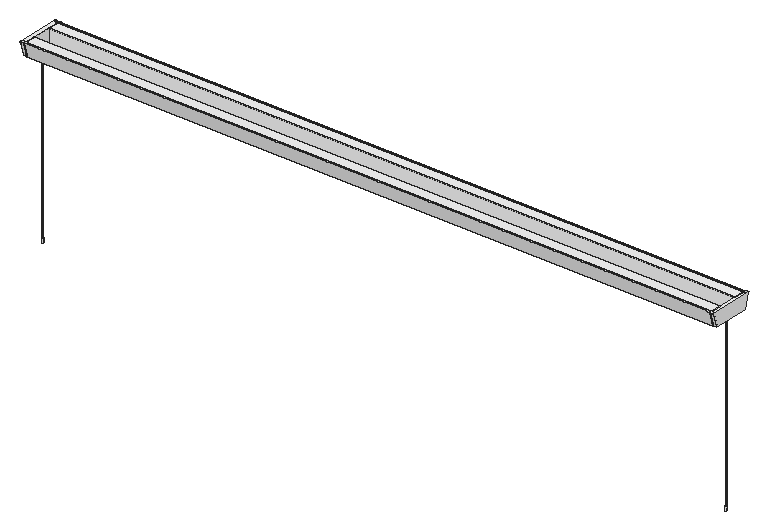
Revit family "SAE101-P", category Lighting Fixtures, host Face, Revit 2021
Family settings
  Host = Face
  Round Connector Dimension = Use Diameter
  Part Type = Normal
  OmniClass Number = 23.80.70.11.14.17
  OmniClass Title = Direct/Indirect
  Cut with Voids When Loaded = No
  Light Source = Yes
  Shared = Yes
  Room Calculation Point = No
Parameters (values of type "SAE101-P-08")
  Wattage = 4 W
  Warranty = "5-Years Warranty"
  built-in parameter 1150110 = 1 (stored number, unit not read)
  Voltage = 120 V
  Type Comments = "Lighting Fixture"  # constant formula
  built-in parameter 1114217 = 1 (stored number, unit not read)
  Tilt Angle = -90.00°
  built-in parameter 1150109 = 1 (stored number, unit not read)
  built-in parameter 1150134 = (empty or 0)
  built-in parameter 1150113 = 1 (stored number, unit not read)
  Product Page URL = ""
  Product Documentation Link = ""
  Power Factor = 1
  Photometric Web File = "SAE101-P-ID-STD-4-SOF-CX-35K-I050-D040.ies"
  Photometric Notes = "More IES files download on Photometric Link"  # constant formula
  Pendant Height [instance] = 2' - 0"
  zz Length 1 = 8' - 0"
  Wattage Comments = "133 Lumens/Watt"  # constant formula
  URL = "https://www.currentlighting.com/litecontrol"
  Mounting = "Pendant"  # constant formula
  Model = "SAE101"  # constant formula
  Manufacturer = "Litecontrol"  # constant formula
  built-in parameter 1150105 = 39.789 (stored number, unit not read)
  Lumens = 500 lm
  built-in parameter 1150115 = 1 (stored number, unit not read)
  Load Classification = Lighting
  built-in parameter 1150137 = (empty or 0)
  built-in parameter 1150139 = (empty or 0)
  built-in parameter 1150112 = 1 (stored number, unit not read)
  built-in parameter 1150114 = 1 (stored number, unit not read)
  Lamp = "LED"  # constant formula
  built-in parameter 1150132 = (empty or 0)
  built-in parameter 1150102 = (empty or 0)
  built-in parameter 1150107 = 3500 (stored number, unit not read)
  built-in parameter 1150138 = (empty or 0)
  built-in parameter 1150106 = 0.39789 (stored number, unit not read)
  Glass = White Glass
  Fixture Distribution = "Indirect/Direct"  # constant formula
  Emit from Rectangle Width = zz Length 1 - 0' 2"  # 7' - 10"
  Emit from Rectangle Length = 0' - 4"  # constant formula
  Emit Shape Visible in Rendering = no
  built-in parameter 1150104 = 11.613 (stored number, unit not read)
  Downlight Diffuser = "Soft Glow Lens"  # constant formula
  Dimming Lamp Color Temperature Shift = <None>
  Description = "Linear Pendant Indirect/Direct"  # constant formula
  Default Elevation = 4' - 0"
  Copyright = "Copyright ©Litecontrol"  # constant formula
  Contact Us = ""
  Color Filter = 16777215
  built-in parameter 1114218 = 1 (stored number, unit not read)
  Housing Material = Paint - Matte White
  built-in parameter 1150133 = 10 (stored number, unit not read)
  Assembly Code = "D5020200"
  Apparent Load = 0 VA
Types (6): name | zz Length 1 | Emit from Rectangle Width
  (no name) | 8' - 0" | 7' - 10"
  SAE101-P-04 | 4' - 0" | 3' - 10"
  SAE101-P-02 | 2' - 0" | 1' - 10"
  SAE101-P-03 | 3' - 0" | 2' - 10"
  SAE101-P-06 | 6' - 0" | 5' - 10"
  SAE101-P-08 | 8' - 0" | 7' - 10"
Reference planes (in)
  plane 1 "Center (Front/Back)": y = 13.01342
  plane 2: z = 0
  plane 3 "Center (Left/Right)": x = 0
  plane 4: z = 24
  plane 5: x = -48
  plane 6: x = 48
  plane 7: x = -47.3125
  plane 8: x = 47.3125
  plane 9: z = 0.5
  plane 10: z = 25
Forms (in)
  Revolve 1, solid, material "Paint - Matte White" <- "Housing Material"
    sketch origin (-5.75, 13.01342, 0) x (-1, 0, 0) y (0, 0, 1)
      loop
        line (-53.0625, 24) -> (-53.0625, 0) -> (-52.9375, 0) -> (-52.9375, 0.5) -> (-53, 0.5) -> (-53, 23.5) -> (-52.9375, 23.5) -> (-52.9375, 24) -> (-53.0625, 24)
      axis (-53.0625, 24) -> (-53.0625, 0)
    angle from 0 to 360
  Revolve 2, solid, material "Paint - Matte White" <- "Housing Material"
    sketch origin (5.75, 13.01342, 0) x (1, 0, 0) y (0, 0, 1)
      loop
        line (-53.0625, 24) -> (-53.0625, 0) -> (-52.9375, 0) -> (-52.9375, 0.5) -> (-53, 0.5) -> (-53, 23.5) -> (-52.9375, 23.5) -> (-52.9375, 24) -> (-53.0625, 24)
      axis (-53.0625, 24) -> (-53.0625, 0)
    angle from 0 to 360
Dimensions and locks (in)
  "Pendant Height": plane 4 to level
  equal spacing: plane 6, plane 3 "Center (Left/Right)", plane 5
  "zz Length 1": plane 6 to plane 5
  locked: plane 9 to plane 2 at 0.5
  locked: plane 7 to plane 5 at 0.6875
  locked: plane 6 to plane 8 at 0.6875
  locked: plane 10 to plane 4 at 1
  aligned and locked: plane 2 to host face
  aligned and locked: level to host face
  aligned and locked: Revolve 1 sketch curve to Revolve 1 sketch curve
  aligned and locked: Revolve 1 sketch curve to plane 8
  aligned and locked: plane 4 to Revolve 1 sketch curve
  aligned and locked: Revolve 1 sketch curve to level
  aligned and locked: plane 3 "Center (Left/Right)" to nested 1
  aligned and locked: plane 1 "Center (Front/Back)" to nested 1
  aligned and locked: Revolve 2 sketch curve to Revolve 2 sketch curve
  aligned and locked: plane 9 to Revolve 2
  aligned and locked: Revolve 1 to plane 9
  aligned and locked: plane 10 to imposter light
  aligned and locked: plane 3 "Center (Left/Right)" to imposter light
Automatic sketch dimensions
  host sketch curve to host sketch curve = 8' - 0"  (x2)
  Revolve 1 sketch curve to plane 9 = 0' - 0"
  plane 8 to Revolve 1 sketch curve = 0' - 0 1/16"
  plane 8 to Revolve 1 sketch curve = 0' - 0 1/8"
  Revolve 1 sketch curve to Revolve 1 sketch curve = 0' - 0 1/16"
  Revolve 1 sketch curve to plane 9 = 0' - 0.66777"
  Revolve 1 sketch curve to Revolve 1 sketch curve = 0' - 9.83778"
  Revolve 2 sketch curve to plane 7 = 0' - 0"
  plane 9 to Revolve 2 sketch curve = 0' - 0"
  Revolve 2 sketch curve to level = 0' - 0"
  Revolve 2 sketch curve to plane 4 = 0' - 0"
  plane 7 to Revolve 2 sketch curve = 0' - 0 1/16"
  plane 7 to Revolve 2 sketch curve = 0' - 0 1/8"
  Revolve 2 sketch curve to Revolve 2 sketch curve = 0' - 0 1/16"
  plane 9 to Revolve 2 sketch curve = 0' - 0.66777"
  Revolve 2 sketch curve to Revolve 2 sketch curve = 0' - 9.83778"
  plane 4 to Revolve 1 sketch curve = 0' - 0 1/2"
  Revolve 2 sketch curve to plane 4 = 0' - 0 1/2"
Nested families (in)
  nested 1: "101-P" at (-0.01104, 12.97343, 24), Glass <- "Glass", Backbox <- "Housing Material", Length <- "zz Length 1", type "101-P"
    with Length 8' - 0", Glass White Glass, Backbox Paint - Matte White
Connectors (in)
  electrical at (0, 14.86045, 24), driven by "Load Classification", driven by "Voltage", driven by "Apparent Load", driven by "Power Factor"
    settings: on nested 1, index 1, voltage 120 V, apparent load 0 VA, apparent load phase1 0 VA, apparent load phase2 0 VA, apparent load phase3 0 VA, power factor 1, load classification "Lighting", number of poles 1, system type 30, power factor state 1, is connector primary yes, connector utility no, sub classification motor no, connector description "Electrical Connector"
Definition of nested family "101-P"
  Parameters
    Wattage Comments = ""
    URL = ""
    Model = ""
    Manufacturer = ""
    Length [instance] = 4' - 0"
    Lamp = ""
    Glass [instance] = none
    Description = ""
    Default Elevation = 4' - 0"
    Backbox [instance] = none
    Apparent Load = 0 VA
  Reference planes (in)
    plane 1 "Center (Front/Back)": y = 0.03999
    plane 2: z = 0
    plane 3 "Center (Left/Right)": x = 0.01104
    plane 4: z = 2
    plane 5: z = 1.875
    plane 6: x = -23.98896
    plane 7: x = 24.01104
    plane 8: x = -23.48896
    plane 9: x = 23.51104
    plane 10: y = 1.28999
    plane 11: y = -1.21001
    plane 12: z = 0.125
    plane 13: y = -2.96001
    plane 14: y = 3.03999
    plane 15: y = 2.91499
    plane 16: y = -2.83501
  Forms (in)
    Extrusion 1, solid
      sketch origin (0, 0, 0.06357) x (1, 0, 0) y (0, 1, 0)
        loop
          line (-48, 48) -> (-48, -48) -> (48, -48) -> (48, 48) -> (-48, 48)
      from -0.06357 to -12.81105
    Extrusion 2, solid, material <- "Backbox"
      sketch origin (23.51104, -180, 29.46954) x (0, 0, 1) y (0, -1, 0)
        loop
          line (-29.46954, -182.48405) -> (-27.54897, -183.03835)
          arc (-27.54897, -183.03835) -> (-27.47937, -183.01257) -> (-27.48349, -182.93845) r 0.0625
          line (-27.48349, -182.93845) -> (-27.55342, -182.85397) -> (-27.55342, -177.22601) -> (-27.48349, -177.14153)
          arc (-27.48349, -177.14153) -> (-27.47937, -177.06742) -> (-27.54897, -177.04163) r 0.0625
          line (-27.54897, -177.04163) -> (-29.46954, -177.59593) -> (-29.46954, -182.48405)
      from 0 to 0.5
    Extrusion 3, solid, material <- "Backbox"
      sketch origin (-23.48896, -180, 28.85133) x (0, 0, 1) y (0, -1, 0)
        loop
          line (-28.85133, -182.48405) -> (-26.93076, -183.03835)
          arc (-26.93076, -183.03835) -> (-26.86116, -183.01257) -> (-26.86528, -182.93845) r 0.0625
          line (-26.86528, -182.93845) -> (-26.93521, -182.85397) -> (-26.93521, -177.22601) -> (-26.86528, -177.14153)
          arc (-26.86528, -177.14153) -> (-26.86116, -177.06742) -> (-26.93076, -177.04163) r 0.0625
          line (-26.93076, -177.04163) -> (-28.85133, -177.59593) -> (-28.85133, -182.48405)
      from 0 to -0.5
    Extrusion 4, solid, material <- "Glass"
      sketch origin (-23.78896, 8.13374, 2) x (0, -1, 0) y (1, 0, 0)
        loop
          line (6.84375, 0.3) -> (9.34375, 0.3) -> (9.34375, 47.3) -> (6.84375, 47.3) -> (6.84375, 0.3)
      from -0.125 to -1.875
    Extrusion 5, solid, material <- "Backbox"
      sketch origin (0.01104, 0, 0) x (0, 1, 0) y (0, 0, 1)
        loop
          line (2.48405, 0) -> (3.03835, 1.92057)
          arc (3.03835, 1.92057) -> (3.01257, 1.99018) -> (2.93845, 1.98605) r 0.0625
          line (2.93845, 1.98605) -> (2.85397, 1.91613) -> (1.28999, 1.91613) -> (1.28999, 0) -> (2.48405, 0)
        loop
          line (-2.40407, 0) -> (-1.21001, 0) -> (-1.21001, 1.91613) -> (-2.77399, 1.91613) -> (-2.85847, 1.98605)
          arc (-2.85847, 1.98605) -> (-2.93258, 1.99018) -> (-2.95837, 1.92057) r 0.0625
          line (-2.95837, 1.92057) -> (-2.40407, 0)
      from -23.5 to 23.5
  Cuts and joins
    joined: Extrusion 2, Extrusion 3
  Dimensions and locks (in)
    plane 4 to Extrusion 1 = 0' - 2"
    "Length": plane 7 to plane 6
    locked: plane 8 to plane 6 at 0.5
    locked: plane 7 to plane 9 at 0.5
    equal spacing: plane 7, plane 3 "Center (Left/Right)", plane 6
    locked: plane 12 to Extrusion 1 at 0.125
    plane 10 to plane 11 = 0' - 2 1/2"
    equal spacing: plane 10, plane 1 "Center (Front/Back)", plane 11
    locked: plane 14 to plane 15 at 0.125
    locked: plane 16 to plane 13 at 0.125
    plane 13 to plane 14 = 0' - 6"
    plane 13 to plane 1 "Center (Front/Back)" = 0' - 3"
    equal spacing: plane 14, plane 1 "Center (Front/Back)", plane 13
    locked: plane 4 to plane 5 at 0.125
    aligned and locked: plane 2 to Extrusion 1
    aligned and locked: plane 7 to cut or joined group of Extrusion 2, Extrusion 3
    aligned and locked: cut or joined group of Extrusion 2, Extrusion 3 to plane 6
    aligned and locked: Extrusion 5 to plane 8
    aligned and locked: plane 9 to Extrusion 5
    aligned and locked: plane 10 to Extrusion 4 sketch curve
    aligned and locked: plane 11 to Extrusion 4 sketch curve
    aligned and locked: Extrusion 3 to Extrusion 4
    aligned and locked: Extrusion 2 to Extrusion 4
    aligned and locked: Extrusion 2 to plane 9
    aligned and locked: plane 5 to Extrusion 4
    aligned and locked: plane 8 to Extrusion 3
    aligned and locked: Extrusion 5 sketch curve to plane 10
    aligned and locked: plane 2 to Extrusion 5 sketch curve
    aligned and locked: Extrusion 5 sketch curve to plane 2
    aligned and locked: plane 11 to Extrusion 5 sketch curve
  Automatic sketch dimensions
    Extrusion 1 sketch curve to Extrusion 1 sketch curve = 8' - 0"  (x2)
    plane 8 to Extrusion 4 sketch curve = 0' - 0"
    Extrusion 4 sketch curve to plane 9 = 0' - 0"
    plane 16 to Extrusion 5 sketch curve = 0' - 0.43094"
    plane 16 to Extrusion 5 sketch curve = 0' - 0.06102"
    Extrusion 5 sketch curve to plane 16 = 0' - 0.02346"
    Extrusion 5 sketch curve to plane 13 = 0' - 0.06169"
    Extrusion 5 sketch curve to plane 13 = 0' - 0.00164"
    plane 15 to Extrusion 5 sketch curve = 0' - 0.43094"
    plane 15 to Extrusion 5 sketch curve = 0' - 0.06102"
    Extrusion 5 sketch curve to plane 15 = 0' - 0.02346"
    Extrusion 5 sketch curve to plane 14 = 0' - 0.06169"
    Extrusion 5 sketch curve to plane 14 = 0' - 0.00164"
    plane 5 to Extrusion 5 sketch curve = 0' - 0.04113"  (x2)
    plane 5 to Extrusion 5 sketch curve = 0' - 0.04557"  (x2)
    Extrusion 5 sketch curve to plane 4 = 0' - 0.0621"  (x2)
    Extrusion 3 sketch curve to plane 14 = 0' - 0.00164"
    plane 5 to Extrusion 3 sketch curve = 0' - 0.04557"  (x2)
    plane 15 to Extrusion 3 sketch curve = 0' - 0.43094"
    Extrusion 3 sketch curve to plane 13 = 0' - 0.00164"
    plane 16 to Extrusion 3 sketch curve = 0' - 0.43094"
    plane 15 to Extrusion 3 sketch curve = 0' - 0.06102"
    Extrusion 3 sketch curve to plane 4 = 0' - 0.01395"  (x2)
    Extrusion 3 sketch curve to plane 15 = 0' - 0.02346"
    Extrusion 3 sketch curve to plane 14 = 0' - 0.06169"
    Extrusion 3 sketch curve to plane 16 = 0' - 0.02346"
    plane 16 to Extrusion 3 sketch curve = 0' - 0.06102"
    Extrusion 3 sketch curve to plane 13 = 0' - 0.06169"
    Extrusion 3 sketch curve to level = 0' - 0"
    plane 5 to Extrusion 3 sketch curve = 0' - 0.04113"
    Extrusion 2 sketch curve to level = 0' - 0"
    plane 15 to Extrusion 2 sketch curve = 0' - 0.43094"
    Extrusion 2 sketch curve to plane 14 = 0' - 0.00164"
    plane 5 to Extrusion 2 sketch curve = 0' - 0.04557"  (x2)
    plane 16 to Extrusion 2 sketch curve = 0' - 0.43094"
    Extrusion 2 sketch curve to plane 13 = 0' - 0.00164"
    plane 5 to Extrusion 2 sketch curve = 0' - 0.04113"
    plane 15 to Extrusion 2 sketch curve = 0' - 0.06102"
    Extrusion 2 sketch curve to plane 4 = 0' - 0.01395"  (x2)
    Extrusion 2 sketch curve to plane 15 = 0' - 0.02346"
    plane 16 to Extrusion 2 sketch curve = 0' - 0.06102"
    Extrusion 2 sketch curve to plane 14 = 0' - 0.06169"
    Extrusion 2 sketch curve to plane 16 = 0' - 0.02346"
    Extrusion 2 sketch curve to plane 13 = 0' - 0.06169"
